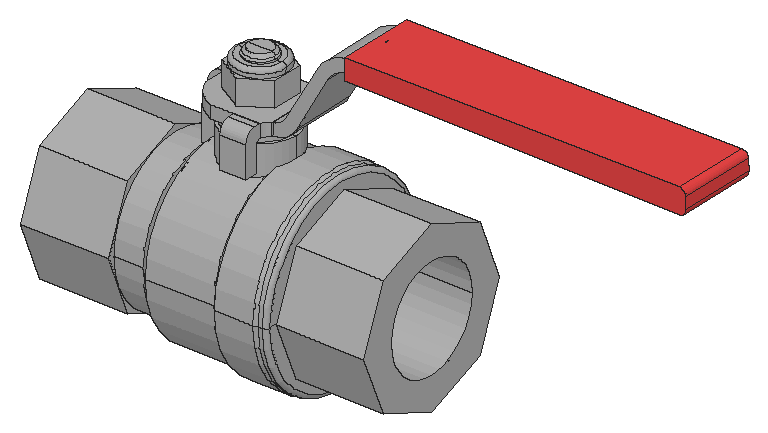
Revit family "QA01660000", category Apparecchi idraulici, Revit 2016
Family settings
  Tipo di parte = Normale
  Quota connettore circolare = Usa diametro
  Numero OmniClass = 23.45.00.00
  Titolo OmniClass = Sanitary, Laundry, and Cleaning Equipment
  Basato su piano di lavoro = No
  Sempre verticale = Sì
  Taglio con vuoti quando caricato = No
  Condiviso = No
  Punto di calcolo locali = No
Parameters
  URL = "https://web.cimberio.it/index.php/figura/131?subcategoria_id=41693"
  DN Model [instance] = QA01661025 : QA01661025
  DN [instance] = 25 mm
Reference planes
  plane 1 "Centro (Fronte/Retro)": y = 0
  plane 2: z = 0
  plane 3 "Centro (Sinistra/Destra)": x = 0
Dimensions and locks
  aligned and locked: level to plane 2
Nested families
  nested 1: "QA01661025" at (0, 0, 0), type <- "DN Model", type "QA01661025"
  nested 2: "QA01661025" at (0, 0, 0), type <- "DN Model", type "QA01661025"
  nested 3: "QA01661025" at (0, 0, 0), type <- "DN Model", type "QA01661025"
  nested 4: "QA01661025" at (0, 0, 0), type <- "DN Model", type "QA01661025"
  nested 5: "QA01661025" at (0, 0, 0), type <- "DN Model", type "QA01661025"
  nested 6: "QA01661025" at (0, 0, 0), type <- "DN Model", type "QA01661025"
  nested 7: "QA01661025" at (0, 0, 0), type <- "DN Model", type "QA01661025"
  nested 8: "QA01661025" at (0, 0, 0), type <- "DN Model", type "QA01661025"
Connectors
  piping at (41.6, 0, 0), diameter 25, driven by "DN"
    settings: on nested 1, index 1, connector inside diameter 609.6 mm, connector length 0 mm, flow factor 0, pipe flow 0.0 L/s, pressure drop 0.0 Pa, fitting loss kfactor 0, connector angle 0.00°, fixture units 0, engagement length 0 mm, angle of deflection 0.00°, flow configuration 0, flow direction 0, fitting loss method 0, system type 7, joint type 0, gender type 0, connector reference index -1, connector utility 0, adjustable connector no, is connector primary yes, connector description ""
  piping at (-42, 0, 0), diameter 25, driven by "DN"
    settings: on nested 1, index 2, connector inside diameter 609.6 mm, connector length 0 mm, flow factor 0, pipe flow 0.0 L/s, pressure drop 0.0 Pa, fitting loss kfactor 0, connector angle 0.00°, fixture units 0, engagement length 0 mm, angle of deflection 0.00°, flow configuration 0, flow direction 0, fitting loss method 0, system type 7, joint type 0, gender type 0, connector reference index -1, connector utility 0, adjustable connector no, is connector primary no, connector description ""
Definition of nested family "QA01661025"
  Reference planes
    plane 1 "Centro (Fronte/Retro)": y = 0
    plane 2: z = 0
    plane 3 "Centro (Sinistra/Destra)": x = 0
  Forms (mm)
    Revolve 1, solid
      sketch origin (0, 0, 0) x (1, 0, 0) y (0, 1, 0)
        loop
          line (-20.6, 12.5) -> (20.102, 12.5) -> (20.1, 22.25)
          arc (20.1, 22.25) -> (19.807, 22.957) -> (19.1, 23.25) r 1
          line (19.1, 23.25) -> (17.885, 23.25) -> (17.013, 23.5) -> (7.6, 23.5) -> (6.4, 22.3) -> (-10.1, 22.3) -> (-13.4, 19) -> (-20.6, 19) -> (-20.6, 12.5)
        axis (-20.6, 0) -> (20.102, 0)
      angle from 0 to 360
    Extrusion 2, solid
      sketch origin (-11, 0, 0) x (0, 0, 1) y (0, 1, 0)
        loop
          circle (0, 0) r 12.5
        loop
          line (20.5, 0) -> (14.496, 14.496) -> (0, 20.5) -> (-14.496, 14.496) -> (-20.5, 0) -> (-14.496, -14.496) -> (0, -20.5) -> (14.496, -14.496) -> (20.5, 0)
      from 9.6 to 31
    Extrusion 3, solid
      sketch origin (11, 0, 0) x (0, 0, 1) y (0, -1, 0)
        loop
          circle (0, 0) r 12.5
        loop
          line (20.5, 0) -> (14.496, 14.496) -> (0, 20.5) -> (-14.496, 14.496) -> (-20.5, 0) -> (-14.496, -14.496) -> (0, -20.5) -> (14.496, -14.496) -> (20.5, 0)
      from 9.102 to 30.6
    Revolve 4, solid
      sketch origin (0, 0, 0) x (1, 0, 0) y (0, 0, 1)
        loop
          line (0, 44.5) -> (0, 42) -> (3.899, 42) -> (3.899, 43.208) -> (2.726, 43.522) -> (3.57, 43.83) -> (2.9, 44.5) -> (0, 44.5)
        axis (0, 44.5) -> (0, 42)
      angle from 0 to 360
    Revolve 5, solid
      sketch origin (0, 0, 0) x (1, 0, 0) y (0, 0, 1)
        loop
          line (0, 43) -> (0, 41) -> (6.25, 41) -> (6.25, 42)
          arc (6.25, 42) -> (5.957, 42.707) -> (5.25, 43) r 1
          line (5.25, 43) -> (0, 43)
        axis (0, 43) -> (0, 41)
      angle from 0 to 360
    Extrusion 6, solid
      sketch origin (0, 0, 28.55) x (1, 0, 0) y (0, 1, 0)
        loop
          line (0, 7.511) -> (-6.505, 3.756) -> (-6.505, -3.756) -> (0, -7.511) -> (6.505, -3.756) -> (6.505, 3.756) -> (0, 7.511)
      from 6.45 to 12.45
    Extrusion 7, solid
      sketch origin (0, 0, 28.55) x (1, 0, 0) y (0, 1, 0)
        loop
          line (-10.1, 8) -> (-10.1, -4.069)
          arc (-10.1, -4.069) -> (-7.661, -7.852) -> (-3.822, -10.2) r 10.104
          line (-3.822, -10.2) -> (8.109, -10.2)
          arc (8.109, -10.2) -> (8.62, -9.174) -> (9.479, -8.414) r 3
          line (9.479, -8.414) -> (9.479, 8) -> (-10.1, 8)
      from 3.442 to 6.45
    Revolve 8, solid
      sketch origin (0, 0, 0) x (1, 0, 0) y (0, 0, 1)
        loop
          line (0, 31.992) -> (-8, 31.992) -> (-8, 28.2) -> (0, 28.2) -> (0, 31.992)
        axis (0, 31.992) -> (0, 28.2)
      angle from 0 to 360
    Revolve 9, solid
      sketch origin (0, 0, 0) x (1, 0, 0) y (0, 0, 1)
        loop
          line (0, 28.2) -> (0, 20.948) -> (8.75, 20.948) -> (8.75, 28.2) -> (0, 28.2)
        axis (0, 28.2) -> (0, 20.948)
      angle from 0 to 360
    Extrusion 10, solid
      sketch origin (0, 0, 0) x (1, 0, 0) y (0, 0, 1)
        loop
          line (-13, 28.2) -> (-13, 19.812) -> (-8.62, 19.812) -> (-8.62, 28.2) -> (-13, 28.2)
      from -1.5 to 1.5
    Extrusion 11, solid
      sketch origin (0, 0, 0) x (1, 0, 0) y (0, 0, 1)
        loop
          arc (-10.2, 35) -> (-13.028, 33.829) -> (-14.2, 31) r 4
          line (-14.2, 31) -> (-14.2, 24.527) -> (-11.2, 24.527) -> (-11.2, 30.999)
          arc (-11.2, 30.999) -> (-10.95, 31.661) -> (-10.325, 31.992) r 1
          line (-10.325, 31.992) -> (-9.289, 31.992) -> (-9.289, 35) -> (-10.2, 35)
      from -8 to -1.7
    Extrusion 12, solid
      sketch origin (-11, 0, 0) x (0, 0, 1) y (0, 1, 0)
        loop
          line (35, -10.2) -> (31.992, -10.2)
          arc (31.992, -10.2) -> (31.72, -10.87) -> (31.184, -11.355) r 1.623
          line (31.184, -11.355) -> (24.527, -11.355) -> (24.527, -14.374) -> (32.277, -14.374)
          arc (32.277, -14.374) -> (34.203, -13.576) -> (35, -11.65) r 2.723
          line (35, -11.65) -> (35, -10.2)
      from -19 to -12.7
    Extrusion 13, solid
      sketch origin (0, 0, 0) x (1, 0, 0) y (0, 0, 1)
        loop
          arc (12.51, 36.75) -> (11.229, 35.469) -> (9.479, 35) r 3.5
          line (9.479, 35) -> (9.479, 32)
          arc (9.479, 32) -> (12.73, 32.872) -> (15.11, 35.252) r 6.5
          line (15.11, 35.252) -> (23.045, 48.997)
          arc (23.045, 48.997) -> (25.136, 51.133) -> (27.997, 51.995) r 6
          line (27.997, 51.995) -> (27.997, 54.997)
          arc (27.997, 54.997) -> (23.637, 53.732) -> (20.449, 50.5) r 9
          line (20.449, 50.5) -> (12.51, 36.75)
      from -8 to 8
    Extrusion 14, solid
      sketch origin (0, 0, 0) x (1, 0, 0) y (0, 0, 1)
        loop
          line (109.485, 56.491) -> (27.997, 56) -> (27.997, 51) -> (109.488, 50.509)
          arc (109.488, 50.509) -> (110.554, 50.945) -> (110.997, 52.009) r 1.5
          line (110.997, 52.009) -> (110.997, 54.991)
          arc (110.997, 54.991) -> (110.553, 56.056) -> (109.485, 56.491) r 1.5
      from -9.454 to 9.513
  Dimensions and locks
    aligned and locked: level to plane 2
